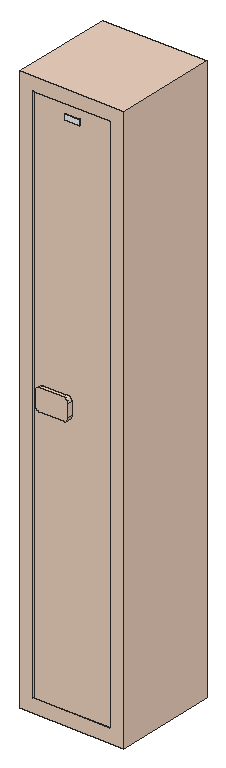
Revit family
Parameters
  Width = 1' - 0"
  Warranty Duration (Years) = 0
  URL = "http://www.asilockers.com/"
  Specification = "http://www.arcat.com/sdspecs/htm/10503asi.htm"
  Send Message = "http://www.arcat.com/users.pl?action=UserEmail&company=ASI%20Storage%20Solutions%20Inc.&coid=42798&rep=139&fax=901-312-6197&mf="
  Sales Information = "http://www.asilockers.com/company.html"
  Revision = "R1_08-2010"
  Product Properties = "http://www.arcat.com/bim/bim_info.pl?fn=ASIStorage"
  Product Data = "http://www.arcat.com/arcatcos/cos42/arc42798.html"
  Number Plate Material = Metal - Polished Aluminum
  Model = "As Specified in 10 51 13"
  Manufacturer Website = "http://www.asilockers.com/"
  Manufacturer Phone = "901-312-6195 "
  Manufacturer Fax = "901-312-6197"
  Manufacturer Address = "4444 Delp St., Memphis, TN 38118"
  Manufacturer = "ASI Storage Solutions Inc."
  Maintenance Schedule (Months) = 0
  Keynote = "10 51 13"
  Installation-Fabrication = "http://www.asilockers.com/installation-assembly/installation.pdf"
  Installation Phase = ""
  Height = 5' - 6"
  Finish = "High density polyethylene (HDPE) sheet"
  Expected Lifespan (Years) = 0
  Drawn By = "Robert S. Weygant, CSI, CDT, SCIP"
  Description = "As Specified in 10 51 13"
  Depth = 1' - 0"
  Copyright = "2010, ARCAT, Inc"
  Construction Details = "http://www.asilockers.com/installation-assembly/one-page-assembly.pdf"
  Color Chart = "http://www.asilockers.com/color-guide.html"
  Color [instance] = Plastic - Ivory Essence Speckle #9500
  Assembly Code = "E2010200"
Reference planes (in)
  plane 1 "Center (Front/Back)": y = 0
  plane 2 "Bottom": z = 0
  plane 3 "Center (Left/Right)": x = 0
  plane 4 "Front": y = -6
  plane 5 "Back": y = 6
  plane 6 "Left": x = -6
  plane 7 "Right": x = 6
  plane 8 "Top": z = 66
Forms (in)
  Extrusion 1, solid, material "Plastic - Ivory Essence Speckle #9500" <- "Color"
    sketch origin (0, 0, 0) x (1, 0, 0) y (0, 0, 1)
      loop
        line (-6, 66) -> (-6, 0) -> (6, 0) -> (6, 66) -> (-6, 66)
      loop
        line (4.5, 64.5) -> (-4.5, 64.5) -> (-4.5, 1.5) -> (4.5, 1.5) -> (4.5, 64.5)
    from -6 to 6
  Extrusion 2, solid, material "Plastic - Ivory Essence Speckle #9500" <- "Color"
    sketch origin (0, 0, 0) x (1, 0, 0) y (0, 0, 1)
      loop
        line (5, 65) -> (-5, 65) -> (-5, 1) -> (5, 1) -> (5, 65)
    from -6 to 5.88
Cuts and joins
  joined: Extrusion 1, Extrusion 2
Dimensions and locks (in)
  equal spacing: plane 6 "Left", plane 3 "Center (Left/Right)", plane 7 "Right"
  equal spacing: plane 5 "Back", plane 1 "Center (Front/Back)", plane 4 "Front"
  "Width": plane 6 "Left" to plane 7 "Right"
  "Depth": plane 5 "Back" to plane 4 "Front"
  "Height": plane 8 "Top" to level
  locked: plane 4 "Front" to Extrusion 2 at 0.12
  plane 8 "Top" to nested 2 to level = 2' - 9", 2' - 9" locked
  locked: plane 8 "Top" to nested 1 at 2.96449
  locked: nested 2 to plane 6 "Left" at 4
  locked: plane 8 "Top" to nested 6 at 4.8125
  locked: nested 5 to nested 2 at 7
  locked: nested 2 to nested 4 at 3
  locked: nested 3 to level at 8.5
  aligned and locked: plane 5 "Back" to Extrusion 1
  aligned and locked: Extrusion 1 to plane 4 "Front"
  aligned and locked: plane 5 "Back" to Extrusion 2
  aligned and locked: plane 3 "Center (Left/Right)" to nested 1
  aligned and locked: plane 3 "Center (Left/Right)" to nested 3
  aligned and locked: plane 3 "Center (Left/Right)" to nested 4
  aligned and locked: plane 3 "Center (Left/Right)" to nested 5
  aligned and locked: plane 3 "Center (Left/Right)" to nested 6
Automatic sketch dimensions
  Extrusion 1 sketch curve to plane 6 "Left" = 0' - 0"
  Extrusion 1 sketch curve to plane 7 "Right" = 0' - 0"
  Extrusion 1 sketch curve to plane 8 "Top" = 0' - 0"
  Extrusion 1 sketch curve to plane 7 "Right" = 0' - 1 1/2"
  plane 6 "Left" to Extrusion 2 sketch curve = 0' - 1"
  Extrusion 2 sketch curve to plane 7 "Right" = 0' - 1"
  plane 6 "Left" to Extrusion 1 sketch curve = 0' - 1 1/2"
  Extrusion 1 sketch curve to plane 8 "Top" = 0' - 1 1/2"
  Extrusion 2 sketch curve to plane 8 "Top" = 0' - 1"
  Extrusion 1 sketch curve to level = 0' - 0"
  level to Extrusion 1 sketch curve = 0' - 1 1/2"
  level to Extrusion 2 sketch curve = 0' - 1"
Nested families (in)
  nested 1: "Number Plate" at (0, -5.88, 63.03551) x (1, 0, 0) z (0, -1, 0), type "Number Plate"
  nested 2: "Handle-Locker-Plastic" at (-2, -5.88, 33) x (1, 0, 0) z (0, -1, 0), type "Handle-Locker-Plastic"
  nested 3: "Round_Holes-4x" at (0, -5.88, 8.5) x (1, 0, 0) z (0, -1, 0), type "Grille-Diamonds"
  nested 4: "Round_Holes-4x" at (0, -5.88, 28.1875) x (1, 0, 0) z (0, -1, 0), type "Grille-Diamonds"
  nested 5: "Round_Holes-4x" at (0, -5.88, 40) x (1, 0, 0) z (0, -1, 0), type "Grille-Diamonds"
  nested 6: "Round_Holes-4x" at (0, -5.88, 59.375) x (1, 0, 0) z (0, -1, 0), type "Grille-Diamonds"
Definition of nested family "Number Plate"
  Parameters
    Number Plate Material = none
    Default Elevation = 4' - 0"
  Reference planes (in)
    plane 1 "Center (Front/Back)": y = 0
    plane 2: z = 0
    plane 3 "Center (Left/Right)": x = 0
  Forms (in)
    Extrusion 1, solid, material "Metal - Polished Aluminum" <- "Number Plate Material"
      sketch origin (0, 50.91051, 0.0625) x (0, -1, 0) y (-1, 0, 0)
        loop
          line (51.25426, 0.84375) -> (50.56676, 0.84375) -> (50.56676, -0.84375) -> (51.25426, -0.84375) -> (51.25426, 0.84375)
      from 0 to 0.0625
  Dimensions and locks (in)
    Extrusion 1 to Extrusion 1 = 0' - 1 11/16"
Definition of nested family "Handle-Locker-Plastic"
  Parameters
    Material = none
    Default Elevation = 4' - 0"
  Reference planes (in)
    plane 1 "Center (Front/Back)": y = 0
    plane 2: z = 0
    plane 3 "Center (Left/Right)": x = 0
  Forms (in)
    Extrusion 1, solid, material <- "Material"
      sketch origin (0, 0, 0) x (1, 0, 0) y (0, 1, 0)
        loop
          arc (-1.375, 1.25) -> (-1.72855, 1.10355) -> (-1.875, 0.75) r 0.5
          line (-1.875, 0.75) -> (-1.875, -0.75)
          arc (-1.875, -0.75) -> (-1.72855, -1.10355) -> (-1.375, -1.25) r 0.5
          line (-1.375, -1.25) -> (1.375, -1.25)
          arc (1.375, -1.25) -> (1.72855, -1.10355) -> (1.875, -0.75) r 0.5
          line (1.875, -0.75) -> (1.875, 0.75)
          arc (1.875, 0.75) -> (1.72855, 1.10355) -> (1.375, 1.25) r 0.5
          line (1.375, 1.25) -> (-1.375, 1.25)
      from 0 to 0.5
Definition of nested family "Round_Holes-4x"
  Parameters (values of type "Grille-Diamonds")
    Default Elevation = 4' - 0"
    Assembly Code = ""
  Reference planes (in)
    plane 1 "Center (Front/Back)": y = 0
    plane 2: z = 0
    plane 3 "Center (Left/Right)": x = 0
    plane 4: y = 1.8125
  Forms (in)
    Extrusion 1, solid
      sketch origin (0, 0, 0) x (1, 0, 0) y (0, 1, 0)
        loop
          line (-48, 48) -> (-48, -48) -> (48, -48) -> (48, 48) -> (-48, 48)
      from 0 to -12
  Lines and regions (in)
    model lines
      curve 1: circle (3, 0, 0) r 0.1875 normal (0, 0, 1)
      curve 2: circle (1.875, 0, 0) r 0.1875 normal (0, 0, 1)
      curve 3: circle (0.75, 0, 0) r 0.1875 normal (0, 0, 1)
      curve 4: circle (-0.375, 0, 0) r 0.1875 normal (0, 0, 1)
      curve 5: circle (3, 0.90625, 0) r 0.1875 normal (0, 0, 1)
      curve 6: circle (1.875, 0.90625, 0) r 0.1875 normal (0, 0, 1)
      curve 7: circle (0.75, 0.90625, 0) r 0.1875 normal (0, 0, 1)
      curve 8: circle (-0.375, 0.90625, 0) r 0.1875 normal (0, 0, 1)
      curve 9: circle (3, 1.8125, 0) r 0.1875 normal (0, 0, 1)
      curve 10: circle (1.875, 1.8125, 0) r 0.1875 normal (0, 0, 1)
      curve 11: circle (0.75, 1.8125, 0) r 0.1875 normal (0, 0, 1)
      curve 12: circle (-0.375, 1.8125, 0) r 0.1875 normal (0, 0, 1)
  Dimensions and locks (in)
    aligned and locked: plane 2 to Extrusion 1
    aligned and locked: level to Extrusion 1
